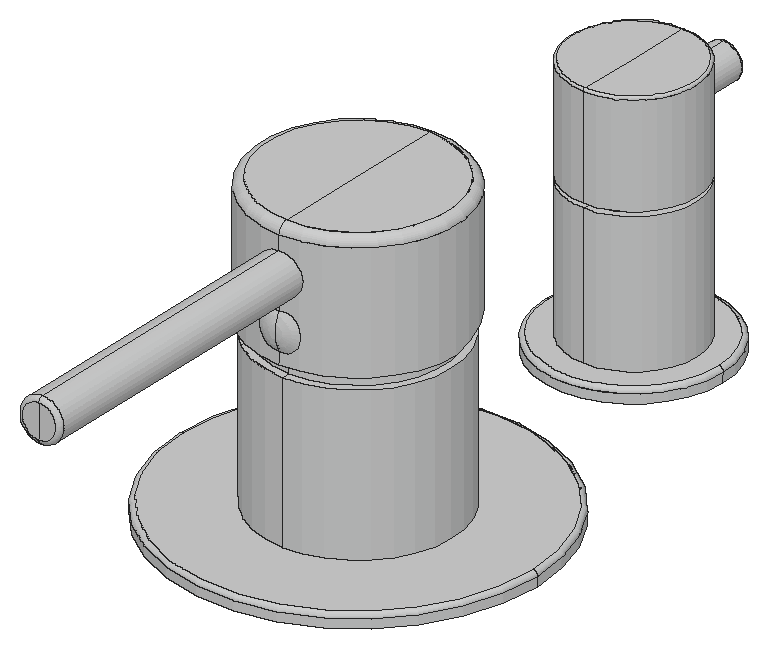
Revit family "MixerTap_Shower_Abey_LuciaBuilders_Diverter_FaceBased", category Plumbing Fixtures, host Face, Revit 2022
Family settings
  Host = Face
  Round Connector Dimension = Use Diameter
  Part Type = Normal
  OmniClass Number = 23.31.11.19
  OmniClass Title = Faucet Mixing Valves
  Cut with Voids When Loaded = Yes
  Maintain Annotation Orientation = No
  Shared = No
  Room Calculation Point = No
Parameters (values of type "Chrome (4SHD-EXT-LF)")
  Waste Connection = no
  Vent Connection = no
  Uniclass2015Version = "Products v1.38"
  Uniclass2015Title = "Mixer taps"
  Uniclass2015Code = "Pr_40_20_87_55"
  URL = "https://www.abey.com.au/"
  Type Comments = "Mixer Tap - Shower - Diverter - Chrome"
  ModifiedIssue = 20251103
  Model = "4SHD-EXT-LF"
  Material = Metal_Abey_Chrome
  ManufacturerURLProductSpecific = "https://www.abeyspecifier.com.au/product/lucia-builders-bath-shower-mixer-with-diverter-external-only/"
  ManufacturerSpecCode = Model  # "4SHD-EXT-LF"
  ManufacturerOverallWidth = 80 mm  # constant formula
  ManufacturerOverallHeight = 191.5 mm  # constant formula
  ManufacturerOverallDepth = 68 mm  # constant formula
  Manufacturer = "Abey"
  Keynote = ""
  IfcExportType = "FAUCET"
  IfcExportAs = "IfcValve"
  HW Connection = yes
  Description = "Lucia Builders Diverter Mixer External Chrome"
  Default Elevation = 1050 mm
  CreatedByURL = "https://igsgroup.com.au"
  CreatedBy = "IGS BIM Solutions"  # constant formula
  Cost = 0
  CW Connection = yes
  Assembly Code = "C1030210"
Types (3, lengths in mm): name | Type Comments | Model | Material | ManufacturerURLProductSpecific | ManufacturerSpecCode | Description
  Chrome (4SHD-EXT-LF) | "Mixer Tap - Shower - Diverter - Chrome" | "4SHD-EXT-LF" | Metal_Abey_Chrome | "https://www.abeyspecifier.com.au/product/lucia-builders-bath-shower-mixer-with-diverter-external-only/" | "4SHD-EXT-LF" | "Lucia Builders Diverter Mixer External Chrome"
  Brushed Nickel (4SHD-EXT-BN-LF) | "Mixer Tap - Shower - Diverter - Brushed Nickel" | "4SHD-EXT-BN-LF" | Metal_Abey_BrushedNickel | "https://www.abeyspecifier.com.au/product/lucia-builders-bath-shower-mixer-with-diverter-external-only-3/" | "4SHD-EXT-BN-LF" | "Lucia Builders Diverter Mixer External Brushed Nickel"
  Black (4SHD-EXT-B-LF) | "Mixer Tap - Shower - Diverter - Black" | "4SHD-EXT-B-LF" | Metal_Abey_Black | "https://www.abeyspecifier.com.au/product/lucia-builders-bath-shower-mixer-with-diverter-external-only-2/" | "4SHD-EXT-B-LF" | "Lucia Builders Diverter Mixer External Black"
Reference planes
  plane 1 "Top": y = 31.5
  plane 2 "WallFace": z = 0
  plane 3 "Center (Left/Right)": x = -97.18
  plane 4 "Bottom": y = -160
  plane 5 "Left": x = -137.18
  plane 6 "Right": x = -57.18
  plane 7 "Back": z = 0
  plane 8 "Front": z = 68
  plane 9 "MountingHeight": y = -71
Forms (mm)
  Extrusion 1, void
    sketch origin (0, 0, 0) x (1, 0, 0) y (0, 1, 0)
      loop
        circle (-97.18, -71) r 15
    from 0 to -30
Text (mm)
  text "Disclaimer:\nDue to ongoing product development and manufacturing evolution, product details are subject to change without notice. Please refer to product technical data sheets on the manufacturers website for the most current product information. Please allow a +/- 5mm manufacturing tolerance for dimensions and set-outs shown in product literature." at (431.593, 11.453, 0), in view "Ref. Level"
Dimensions and locks
  equal spacing: plane 5 "Left", plane 3 "Center (Left/Right)", plane 6 "Right"
  "ManufacturerOverallWidth": plane 5 "Left" to plane 6 "Right"
  "ManufacturerOverallHeight": plane 4 "Bottom" to plane 1 "Top"
  "ManufacturerOverallDepth": plane 8 "Front" to plane 7 "Back"
  locked: plane 4 "Bottom" to plane 9 "MountingHeight" at 89
  aligned and locked: plane 2 "WallFace" to host face
  aligned and locked: level to host face
  aligned and locked: plane 7 "Back" to plane 2 "WallFace"
  aligned and locked: plane 7 "Back" to nested 1
  aligned and locked: plane 3 "Center (Left/Right)" to nested 1
  aligned and locked: nested 1 to plane 9 "MountingHeight"
Automatic sketch dimensions
  host sketch curve to host sketch curve = 329.098 mm
  host sketch curve to host sketch curve = 282.2 mm
  Extrusion 1 sketch curve to plane 9 "MountingHeight" = 0 mm
  Extrusion 1 sketch curve to plane 5 "Left" = 40 mm
  radius of Extrusion 1 sketch curve = 15 mm
Nested families
  nested 1: "z_MixerTap_Shower_Abey_LuciaBuilders_Diverter" at (-42.174, -71, 305) x (1, 0, 0) z (0, 1, 0), type "Type 1"
Connectors
  piping at (-104.53, -71, -1), diameter 12.7, driven by "HW Connection"
    settings: on nested 1, index 1, connector inside diameter 24", connector length 0 mm, flow factor 0, pipe flow 0.00 L/s, pressure drop 0 kPa, fitting loss kfactor 0, connector angle 0.00°, fixture units 0, engagement length 0 mm, angle of deflection 0.00°, flow configuration 2, flow direction 1, fitting loss method 0, system type 19, joint type 0, gender type 0, connector reference index -1, connector utility 1, adjustable connector no, is connector primary yes, connector description "Hot Water Supply"
  piping at (-89.83, -71, -1), diameter 12.7, driven by "CW Connection"
    settings: on nested 1, index 2, connector inside diameter 24", connector length 0 mm, flow factor 0, pipe flow 0.00 L/s, pressure drop 0 kPa, fitting loss kfactor 0, connector angle 0.00°, fixture units 0, engagement length 0 mm, angle of deflection 0.00°, flow configuration 2, flow direction 1, fitting loss method 0, system type 20, joint type 0, gender type 0, connector reference index -1, connector utility 1, adjustable connector no, is connector primary no, connector description "Cold Water Supply"
Definition of nested family "z_MixerTap_Shower_Abey_LuciaBuilders_Diverter"
  Parameters (values of type "Type 1")
    Waste Connection = no
    Vent Connection = no
    URL = "https://www.abey.com.au/"
    Type Comments = ""
    Model = ""
    ManufacturerOverallWidth = 80 mm  # constant formula
    ManufacturerOverallHeight = 191.5 mm  # constant formula
    ManufacturerOverallDepth = 68 mm  # constant formula
    Manufacturer = "Abey"
    HW Connection = yes
    Description = ""
    Default Elevation = 0 mm
    CreatedByURL = "https://igsgroup.com.au"
    CreatedBy = "IGS BIM Solutions"  # constant formula
    CW Connection = yes
    Material = none
    Assembly Code = "C1030210"
  Reference planes
    plane 1 "Ref. Level": z = 0
    plane 2 "Left": x = -95.006
    plane 3 "Back": y = 305
    plane 4 "Front": y = 237
    plane 5 "Right": x = -15.006
    plane 6 "MountingHeight": z = 0
    plane 7 "Center (Left/Right)": x = -55.006
    plane 8 "Bottom": z = -89
    plane 9 "Top": z = 102.5
  Forms (mm)
    Extrusion 1, solid, material <- "Material"
      sketch origin (-35.006, 305, 1015.5) x (-1, 0, 0) y (0, 0, 1)
        loop
          circle (12.65, -1015.5) r 6.35
        loop
          circle (27.35, -1015.5) r 6.35
      from 0 to 1
    Extrusion 2, solid, material <- "Material"
      sketch origin (44.994, 295, 1050) x (0, 0, 1) y (1, 0, 0)
        loop
          circle (-1050, -100) r 30
      from 7 to 10
    Revolve 3, solid, material <- "Material"
      sketch origin (-55.006, 0, 0) x (0, 1, 0) y (0, 0, 1)
        loop
          line (302, 0) -> (302, 21) -> (268, 21) -> (268, 19.25)
          arc (268, 19.25) -> (263.795, 18.716) -> (260, 16.829) r 12.712
          line (260, 16.829) -> (260, 0) -> (268, 0) -> (302, 0)
        axis (260, 0) -> (302, 0)
      angle from 0 to 360
    Revolve 4, solid, material <- "Material"
      sketch origin (-55.006, 0, 0) x (0, 1, 0) y (0, 0, 1)
        loop
          line (265, 0) -> (265, 22) -> (239, 22)
          arc (239, 22) -> (237.586, 21.414) -> (237, 20) r 2
          line (237, 20) -> (237, 0) -> (265, 0)
        axis (237, 0) -> (265, 0)
      angle from 0 to 360
    Revolve 5, solid, material <- "Material"
      sketch origin (-55.006, 0, 0) x (0, 1, 0) y (0, 0, 1)
        loop
          line (247, -89) -> (247, -13.546) -> (242.25, -13.546) -> (242.25, -88)
          arc (242.25, -88) -> (242.543, -88.707) -> (243.25, -89) r 1
          line (243.25, -89) -> (247, -89)
        axis (247, -89) -> (247, -13.546)
      angle from 0 to 360
    Extrusion 6, void
      sketch origin (-55.006, 1216.962, 4153.735) x (0, 1, 0) y (0, 0, 1)
        loop
          line (-951.962, -4153.735) -> (-951.962, -4130.056) -> (-956.673, -4130.056) -> (-951.962, -4153.735)
      from -30 to 30
    Revolve 7, solid, material <- "Material"
      sketch origin (-55.006, 0, 0) x (0, 1, 0) y (0, 0, 1)
        loop
          line (260.75, -21.768) -> (260.75, -16.768) -> (258.25, -16.768) -> (258.25, -21.768) -> (258.25, -23.056)
          arc (258.25, -23.056) -> (260.59, -22.728) -> (262.75, -21.768) r 8.507
          line (262.75, -21.768) -> (260.75, -21.768)
        axis (258.25, -23.056) -> (258.25, -16.768)
      angle from 0 to 360
    Sweep 8, solid, material <- "Material"
      path origin (-200, 305, 170) x (1, 0, 0) y (0, 0, 1)
        loop
          circle (144.994, -170) r 40
      profile origin (-55.006, 305, 40) x (0, 0, -1) y (0, -1, 0)
        loop
          line (0, 0) -> (10, 0) -> (10, 3) -> (1, 3)
          arc (1, 3) -> (0.293, 2.707) -> (0, 2) r 1
          line (0, 2) -> (0, 0)
    Sweep 9, solid, material <- "Material"
      path origin (-200, 305, 245) x (1, 0, 0) y (0, 0, 1)
        loop
          circle (144.994, -168.125) r 20
      profile origin (-55.006, 305, 96.875) x (0, 0, -1) y (0, -1, 0)
        loop
          line (0, 0) -> (10, 0) -> (10, 3) -> (1, 3)
          arc (1, 3) -> (0.293, 2.707) -> (0, 2) r 1
          line (0, 2) -> (0, 0)
    Revolve 10, solid, material <- "Material"
      sketch origin (-55.006, 1216.962, 4153.788) x (0, 1, 0) y (0, 0, 1)
        loop
          line (-945.962, -4062.913) -> (-945.962, -4064.663) -> (-946.962, -4064.663) -> (-946.962, -4062.913) -> (-969.269, -4062.913)
          arc (-969.269, -4062.913) -> (-969.622, -4063.059) -> (-969.769, -4063.413) r 0.5
          line (-969.769, -4063.413) -> (-969.769, -4076.913) -> (-911.962, -4076.913) -> (-911.962, -4062.913) -> (-945.962, -4062.913)
        axis (-969.769, -4076.913) -> (-911.962, -4076.913)
      angle from 0 to 360
    Revolve 11, solid, material <- "Material"
      sketch origin (-55.006, 0, 0) x (0, 1, 0) y (0, 0, 1)
        loop
          line (258.75, 102.5) -> (255.25, 102.5)
          arc (255.25, 102.5) -> (254.896, 102.354) -> (254.75, 102) r 0.5
          line (254.75, 102) -> (254.75, 85.122) -> (258.75, 85.122) -> (258.75, 102.5)
        axis (258.75, 102.5) -> (258.75, 85.122)
      angle from 0 to 360
  Cuts and joins
    Extrusion 6 cuts Revolve 4
    joined: Extrusion 2, Revolve 3, Revolve 4, Revolve 5, Sweep 8
    joined: Sweep 9, Revolve 10, Revolve 11
  Lines and regions (mm)
    Masking region 1
      outline origin (0, 0, 102.5) x (0, -1, 0) y (1, 0, 0)
        loop
          line (-305, -95.006) -> (-303, -95.006)
          arc (-303, -95.006) -> (-302.293, -94.713) -> (-302, -94.006) r 1
          line (-302, -94.006) -> (-302, -76.006) -> (-268, -76.006) -> (-268, -74.256)
          arc (-268, -74.256) -> (-266.493, -74.243) -> (-265, -74.033) r 11.504
          line (-265, -74.033) -> (-265, -77.006) -> (-239, -77.006)
          arc (-239, -77.006) -> (-237.586, -76.42) -> (-237, -75.006) r 2
          line (-237, -75.006) -> (-237, -35.006)
          arc (-237, -35.006) -> (-237.586, -33.592) -> (-239, -33.006) r 2
          line (-239, -33.006) -> (-265, -33.006) -> (-265, -35.98)
          arc (-265, -35.98) -> (-266.493, -35.769) -> (-268, -35.756) r 11.504
          line (-268, -35.756) -> (-268, -34.006) -> (-302, -34.006) -> (-302, -16.006)
          arc (-302, -16.006) -> (-302.293, -15.299) -> (-303, -15.006) r 1
          line (-303, -15.006) -> (-305, -15.006) -> (-305, -95.006)
    symbolic lines, detail levels medium+fine
      curve 1: line (-76.006, 302, 102.5) -> (-34.006, 302, 102.5)
      curve 2: line (-74.256, 268, 102.5) -> (-69.006, 268, 102.5)
      curve 3: spline (-74.033, 265, 102.5) -> (-73.951, 264.784, 102.5) -> (-73.805, 264.57, 102.5) -> (-73.595, 264.357, 102.5) -> (-73.321, 264.148, 102.5) -> (-72.985, 263.942, 102.5) -> (-72.587, 263.74, 102.5) -> (-72.13, 263.543, 102.5) -> (-71.614, 263.351, 102.5) -> (-71.042, 263.166, 102.5) -> (-70.415, 262.987, 102.5) -> (-69.736, 262.816, 102.5) -> (-69.006, 262.653, 102.5)
      curve 4: spline (-41.006, 262.653, 102.5) -> (-40.277, 262.816, 102.5) -> (-39.597, 262.987, 102.5) -> (-38.971, 263.166, 102.5) -> (-38.398, 263.351, 102.5) -> (-37.883, 263.543, 102.5) -> (-37.425, 263.74, 102.5) -> (-37.028, 263.942, 102.5) -> (-36.692, 264.148, 102.5) -> (-36.418, 264.357, 102.5) -> (-36.208, 264.57, 102.5) -> (-36.061, 264.784, 102.5) -> (-35.98, 265, 102.5)
      curve 5: spline (-33.029, 265, 102.5) -> (-33.073, 264.68, 102.5) -> (-33.236, 264.362, 102.5) -> (-33.52, 264.047, 102.5) -> (-33.922, 263.737, 102.5) -> (-34.44, 263.433, 102.5) -> (-35.072, 263.138, 102.5) -> (-35.813, 262.852, 102.5) -> (-36.66, 262.579, 102.5) -> (-37.608, 262.318, 102.5) -> (-38.653, 262.071, 102.5) -> (-39.787, 261.84, 102.5) -> (-41.006, 261.626, 102.5)
      curve 6: spline (-69.006, 261.626, 102.5) -> (-70.225, 261.84, 102.5) -> (-71.36, 262.071, 102.5) -> (-72.404, 262.318, 102.5) -> (-73.353, 262.579, 102.5) -> (-74.2, 262.852, 102.5) -> (-74.941, 263.138, 102.5) -> (-75.572, 263.433, 102.5) -> (-76.09, 263.737, 102.5) -> (-76.492, 264.047, 102.5) -> (-76.776, 264.362, 102.5) -> (-76.94, 264.68, 102.5) -> (-76.983, 265, 102.5)
      curve 7: line (-69.006, 271, 102.5) -> (-69.006, 302, 102.5)
      curve 8: line (-69.006, 270, 102.5) -> (-69.006, 247.75, 102.5)
      curve 9: line (-67.256, 270, 102.5) -> (-67.256, 271, 102.5)
      curve 10: line (-69.006, 271, 102.5) -> (-41.006, 271, 102.5)
      curve 11: line (-41.006, 271, 102.5) -> (-41.006, 302, 102.5)
      curve 12: line (-41.006, 270, 102.5) -> (-69.006, 270, 102.5)
      curve 13: line (-42.756, 270, 102.5) -> (-42.756, 271, 102.5)
      curve 14: line (-68.506, 247.25, 102.5) -> (-41.506, 247.25, 102.5)
      curve 15: line (-41.006, 270, 102.5) -> (-41.006, 247.75, 102.5)
      curve 16: circle (-55.006, 258.75, 102.5) r 4 normal (0, 0, -1)
      curve 17: line (-41.006, 268, 102.5) -> (-35.756, 268, 102.5)
      curve 18: arc (-69.006, 247.75, 102.5) -> (-68.86, 247.396, 102.5) -> (-68.506, 247.25, 102.5) r 0.5
      curve 19: arc (-41.506, 247.25, 102.5) -> (-41.153, 247.396, 102.5) -> (-41.006, 247.75, 102.5) r 0.5
      curve 20: line (-75.006, 305, 102.5) -> (-75.006, 303, 102.5)
      curve 21: arc (-75.006, 303, 102.5) -> (-74.713, 302.293, 102.5) -> (-74.006, 302, 102.5) r 1
      curve 22: line (-35.006, 305, 102.5) -> (-35.006, 303, 102.5)
      curve 23: arc (-35.006, 303, 102.5) -> (-35.299, 302.293, 102.5) -> (-36.006, 302, 102.5) r 1
  Dimensions and locks
    "ManufacturerOverallDepth": plane 3 "Back" to plane 4 "Front"
    "ManufacturerOverallWidth": plane 2 "Left" to plane 5 "Right"
    equal spacing: plane 2 "Left", plane 7 "Center (Left/Right)", plane 5 "Right"
    locked: plane 6 "MountingHeight" to plane 8 "Bottom" at 89
    "ManufacturerOverallHeight": plane 9 "Top" to plane 8 "Bottom"
    aligned and locked: level to plane 1 "Ref. Level"
    aligned and locked: plane 6 "MountingHeight" to plane 1 "Ref. Level"
  Automatic sketch dimensions
    Extrusion 1 sketch curve to level = 0 mm  (x2)
    plane 7 "Center (Left/Right)" to Extrusion 1 sketch curve = 7.35 mm
    Extrusion 1 sketch curve to plane 7 "Center (Left/Right)" = 7.35 mm
    Extrusion 2 sketch curve to Extrusion 2 sketch curve = 0 mm  (x2)
    Extrusion 2 sketch curve to level = 0 mm
    Extrusion 2 sketch curve to plane 7 "Center (Left/Right)" = 0 mm
    plane 2 "Left" to Extrusion 2 sketch curve = 10 mm
    Revolve 3 sketch curve to level = 0 mm  (x2)
    plane 4 "Front" to Revolve 3 sketch curve = 23 mm
    Revolve 3 sketch curve to Revolve 3 sketch curve = 7.477 mm
    Revolve 3 sketch curve to Revolve 3 sketch curve = 8 mm
    Revolve 3 sketch curve to Revolve 3 sketch curve = 0.523 mm
    plane 3 "Back" to Revolve 3 sketch curve = 3 mm
    level to Revolve 3 sketch curve = 6.549 mm
    Revolve 3 sketch curve to Revolve 3 sketch curve = 10.28 mm
    Revolve 3 sketch curve to Revolve 3 sketch curve = 1.75 mm
    Revolve 3 sketch curve to Revolve 3 sketch curve = 0 mm
    Revolve 3 sketch curve to Revolve 3 sketch curve = 7.352 mm
    Revolve 4 sketch curve to level = 0 mm  (x2)
    Revolve 4 sketch curve to plane 4 "Front" = 0 mm  (x2)
    plane 4 "Front" to Revolve 4 sketch curve = 2 mm
    Revolve 4 sketch curve to Revolve 4 sketch curve = 26 mm
    level to Revolve 4 sketch curve = 20 mm
    plane 4 "Front" to Revolve 4 sketch curve = 8.533 mm
    plane 8 "Bottom" to Revolve 5 sketch curve = 0 mm
    plane 4 "Front" to Revolve 5 sketch curve = 5.25 mm
    Revolve 5 sketch curve to Revolve 5 sketch curve = 1 mm
    Revolve 5 sketch curve to Revolve 5 sketch curve = 4.75 mm
    Revolve 5 sketch curve to level = 13.546 mm
    Revolve 5 sketch curve to Revolve 5 sketch curve = 3.75 mm
    Revolve 5 sketch curve to Revolve 5 sketch curve = 7 mm
    Revolve 5 sketch curve to Revolve 5 sketch curve = 2.297 mm
    Extrusion 6 sketch curve to level = 0 mm
    plane 4 "Front" to Extrusion 6 sketch curve = 23.289 mm
    Extrusion 6 sketch curve to Extrusion 6 sketch curve = 4.711 mm
    level to Extrusion 6 sketch curve = 23.679 mm
    plane 4 "Front" to Revolve 7 sketch curve = 21.25 mm
    Revolve 7 sketch curve to Revolve 7 sketch curve = 2.5 mm
    Revolve 7 sketch curve to Revolve 7 sketch curve = 2 mm
    Revolve 7 sketch curve to level = 23.056 mm
    Revolve 7 sketch curve to Revolve 7 sketch curve = 1.288 mm
    Revolve 7 sketch curve to Revolve 7 sketch curve = 0 mm  (x4)
    Revolve 7 sketch curve to Revolve 7 sketch curve = 2.219 mm
    Sweep 8 sketch curve to level = 0 mm
    Sweep 8 sketch curve to plane 7 "Center (Left/Right)" = 0 mm
    Sweep 8 sketch curve to plane 3 "Back" = 0 mm
    Sweep 8 sketch curve to profile plane = 0 mm
    Sweep 8 sketch curve to profile plane = 1 mm
    plane 3 "Back" to Sweep 8 sketch curve = 3 mm
    Sweep 8 sketch curve to Sweep 8 sketch curve = 9 mm
    Sweep 9 sketch curve to plane 7 "Center (Left/Right)" = 0 mm
    Sweep 9 sketch curve to plane 3 "Back" = 0 mm
    Sweep 9 sketch curve to profile plane = 0 mm
    Sweep 9 sketch curve to profile plane = 1 mm
    plane 3 "Back" to Sweep 9 sketch curve = 3 mm
    Sweep 9 sketch curve to Sweep 9 sketch curve = 9 mm
    plane 9 "Top" to Sweep 9 sketch curve = 25.625 mm
    plane 4 "Front" to Revolve 10 sketch curve = 10.193 mm
    Revolve 10 sketch curve to Revolve 10 sketch curve = 0.5 mm
    Revolve 10 sketch curve to Revolve 10 sketch curve = 22.307 mm
    Revolve 10 sketch curve to Revolve 10 sketch curve = 1 mm
    Revolve 10 sketch curve to plane 3 "Back" = 0 mm
    plane 9 "Top" to Revolve 10 sketch curve = 25.625 mm
    plane 9 "Top" to Revolve 10 sketch curve = 13.375 mm
    plane 9 "Top" to Revolve 10 sketch curve = 12.125 mm
    Revolve 10 sketch curve to Revolve 10 sketch curve = 0 mm  (x2)
    Revolve 10 sketch curve to Revolve 10 sketch curve = 3.193 mm
    Revolve 10 sketch curve to Revolve 10 sketch curve = 8.432 mm
    plane 9 "Top" to Revolve 11 sketch curve = 0 mm  (x2)
    plane 4 "Front" to Revolve 11 sketch curve = 17.75 mm
    Revolve 11 sketch curve to Revolve 11 sketch curve = 0.5 mm
    Revolve 11 sketch curve to Revolve 11 sketch curve = 3.5 mm
    Revolve 11 sketch curve to Revolve 11 sketch curve = 16.878 mm
    Revolve 11 sketch curve to Revolve 11 sketch curve = 0 mm  (x2)
    plane 3 "Back" to Masking region 1 sketch curve = 0 mm
    Masking region 1 sketch curve to plane 2 "Left" = 0 mm
    Masking region 1 sketch curve to plane 5 "Right" = 0 mm
    Masking region 1 sketch curve to plane 4 "Front" = 0 mm
    Masking region 1 sketch curve to Masking region 1 sketch curve = 2 mm
    plane 5 "Right" to Masking region 1 sketch curve = 1 mm
    plane 3 "Back" to Masking region 1 sketch curve = 2 mm
    plane 2 "Left" to Masking region 1 sketch curve = 1 mm
    plane 4 "Front" to Masking region 1 sketch curve = 31 mm  (x2)
    Masking region 1 sketch curve to Masking region 1 sketch curve = 0.653 mm  (x2)
    Masking region 1 sketch curve to Masking region 1 sketch curve = 3 mm  (x2)
    plane 4 "Front" to Masking region 1 sketch curve = 2 mm  (x2)
    plane 2 "Left" to Masking region 1 sketch curve = 18 mm
    Masking region 1 sketch curve to Masking region 1 sketch curve = 1 mm
    Masking region 1 sketch curve to Masking region 1 sketch curve = 1.75 mm
    Masking region 1 sketch curve to Masking region 1 sketch curve = 2.973 mm
    plane 7 "Center (Left/Right)" to Masking region 1 sketch curve = 7.764 mm
    Masking region 1 sketch curve to Masking region 1 sketch curve = 11.262 mm
    plane 5 "Right" to Masking region 1 sketch curve = 20 mm
    Masking region 1 sketch curve to Masking region 1 sketch curve = 18 mm
    plane 3 "Back" to curve 22 = 0 mm
    plane 3 "Back" to curve 20 = 0 mm
    curve 16 to plane 7 "Center (Left/Right)" = 0 mm
    plane 3 "Back" to curve 23 = 2 mm
    curve 20 to curve 20 = 2 mm
    plane 7 "Center (Left/Right)" to curve 11 = 14 mm
    curve 23 to curve 11 = 32 mm
    curve 7 to curve 8 = 1 mm
    curve 13 to curve 16 = 11.25 mm
    plane 4 "Front" to curve 8 = 10.75 mm
    plane 4 "Front" to curve 15 = 10.75 mm
    curve 18 to curve 14 = 0.5 mm
    curve 14 to plane 7 "Center (Left/Right)" = 13.5 mm
    curve 10 to curve 8 = 0 mm
    curve 21 to curve 7 = 5 mm
    curve 20 to curve 21 = 1 mm
    plane 7 "Center (Left/Right)" to curve 19 = 13.5 mm
    curve 11 to curve 23 = 5 mm
    curve 8 to curve 2 = 2 mm
    curve 12 to curve 17 = 2 mm
    curve 3 to plane 7 "Center (Left/Right)" = 0.116 mm
    curve 3 to curve 16 = 6.414 mm
    curve 3 to curve 4 = 0 mm
    curve 2 to curve 6 = 3 mm
    curve 4 to curve 5 = 0.164 mm
    curve 6 to curve 3 = 0 mm
    curve 4 to curve 4 = 0.164 mm
    curve 4 to curve 6 = 0.21 mm
    curve 5 to curve 5 = 0.046 mm
    curve 2 to curve 3 = 5.347 mm
    curve 17 to curve 4 = 5.347 mm
    curve 4 to curve 5 = 1.027 mm
    curve 3 to curve 6 = 1.027 mm
    curve 5 to plane 7 "Center (Left/Right)" = 0.241 mm
    curve 7 to curve 9 = 1.75 mm
    curve 3 to curve 3 = 5.027 mm
    curve 2 to curve 3 = 0.223 mm
    curve 1 to curve 21 = 1 mm
    curve 6 to curve 3 = 2.95 mm
    plane 7 "Center (Left/Right)" to curve 4 = 0.116 mm
    plane 7 "Center (Left/Right)" to curve 6 = 0.241 mm
    curve 13 to curve 12 = 1.75 mm
    curve 3 to curve 4 = 0.213 mm
    curve 4 to curve 17 = 0.205 mm
    curve 23 to curve 1 = 1 mm
    curve 4 to curve 5 = 2.932 mm
    radius of Extrusion 1 sketch curve = 6.35 mm  (x2)
    radius of Sweep 8 sketch curve = 40 mm
    radius of Sweep 9 sketch curve = 20 mm
    radius of curve 16 = 4 mm
